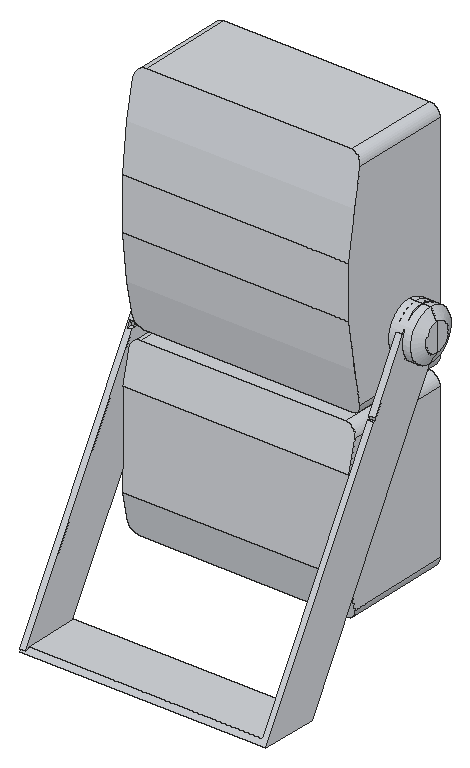
Revit family "Lighting-Proiezione-GEWISS-SMART[PRO]2.0-PROIETTORI-LED-MEDIA-POTENZA_1MODULI_CLI", category Apparecchi per illuminazione, host Superficie, Revit 2019
Family settings
  Host = Superficie
  Quota connettore circolare = Usa diametro
  Tipo di parte = Normale
  Taglio con vuoti quando caricato = No
  Sorgente d'illuminazione = No
  Condiviso = No
  Punto di calcolo locali = Sì
Parameters (values of type "GWP2175MS - SMART PRO 1M 5700K CRI70 TYPE C1 1-10V")
  Viti esterne = "Acciaio inossidabile"
  Versioni = "Luce fredda 5700K"
  Versione file RFA = "20.11"
  Vano di alimentazione = "Integrato"
  VISIBILITA' SIMBOLO [instance] = yes
  VISIBILITA' PROIETTORE IN PIANTA [instance] = not(VISIBILITA' SIMBOLO)  # no
  URL = "https://www.gewiss.com/it/it"
  Tolleranza cromatica = "SDCM = 5"
  Tipologia sorgente luminosa = "LED - Non sostituibile"
  Tipologia = "Stand Alone - 1/10V"
  Tipo di installazione e montaggio = "Torrefaro - Parete - Terra"
  Tipo di apparecchio = "Apparecchio per proiezione LED di piccola, media e alta potenza"
  Tensione di alimentazione = "220 - 240 V"
  Tensione = "220 / 240 V - 50 / 60 Hz"
  Temperatura di utilizzo = "-30 +40 °C"
  Temperatura di stoccaggio = "-"
  Temperatura di esercizio = "-30 +40 °C"
  Temperatura di colore: = "5700 K (CRI>70)"
  Temperatura di colore = "5700K"
  Superficie massima esposta al vento : = "0,085 m2"
  Superficie massima esposta al vento = "0,085M2"
  Spostamento_y_anteriore [instance] = 400 mm
  Spostamento_x_effettivo_ET [instance] = 4000 mm - Spostamento_x_ET  # 2938.794 mm
  Spostamento_x_effettivo [instance] = 4000 mm - Spostamento_x  # 2939 mm
  Spostamento_x_ET [instance] = 1061.206 mm
  Spostamento_x [instance] = 1061 mm
  SostituibilitÃ  piastra di cablaggio = "Non disponibile"
  SostituibilitÃ  gruppo ottico = "Non disponibile"
  Sistema di controllo = "Stand Alone - 1/10V"
  Schermo = "Vetro piano extrachiaro spessore 4mm"
  Scheda Tecnica = "https://www.gewiss.com/it/it/search?q=GWP2175MS"
  SEO = "Proiettore"
  Resistenza alle sovratensioni : = "10KV in modalità comune; 6KV in modalità differenziale"
  Resistenza al filo incandescente = "-"
  Resistenza agli urti = "IK08"
  Regolazione inclinazione = "-120° ÷ + 120° staffa"
  Default Elevation = 1219.2 mm
  Produttore = "GEWISS S.p.A."
  Potenza di sistema = "165W"
  Peso (kg): = "5,7"
  Ottica = "C1 - Circolare 30°"
  Numero moduli = "1"
  Norma di riferimento = "EN60598-1; EN60598-2-5; EN60598-2-24; IEC 62778; IEC62471; EN13201"
  Nome quadro [instance] = "330W"
  Modello = "GWP2175MS"
  Materiali = "-"
  Lumen output (lm) = "20000"
  Life Time L90B10 (Tq 50Â°C) : = ""
  Life Time L90B10 (Tq 40Â°C) = "40000 H"
  Life Time L90B10 (Tq 25Â°C) : = ">50000 H"
  Life Time L80B10 (Tq 25Â°C) = ">110000 H"
  Lampada: = "LED"
  Installazione e manutenzione = "-"
  Informazioni generali = "-"
  Indice di resa cromatica = "CRI-70"
  Inclinazione = "Rotazione su staffa con goniometro integrato"
  Immagine tipo = SMARTPRO20_1M.jpg
  IPEA = "STRADALE = A++ // GRANDI AREE = A5+ // CICLOPEDONALI = A++ // AREE VERDI = A++ // CENTRO STORICO = A7+ // ALTRO = A7+"
  IDT = "81921acd85944d64b14f91977cfd80f8"
  IDF = "2e96a973-5bee-4609-8733-357f06392928"
  Guarnizioni = "silicone antinvecchiamento"
  Gruppo ottico = "Riflettore in PC HT quarzato&nbsp; e metallizzato lucido"
  Grado di protezione = "IP66"
  Garanzia = "5 anni"
  Gancio di chiusura = "Viti metriche esagonali"
  GW - Codice Electrocod = "2424"
  Frequenza nominale (Hz) = "50 / 60"
  Flusso nominale = "24000"
  Fissaggio = "Staffa"
  Finitura colore = "Verniciato a polvere poliestere"
  Efficienza luminosa (lm/W) = "121"
  Durata di vita = "L90B10 (Tq+25°C) - 50000h L90B10 (Tq+40°C) = 40000h L80B10 (Tq+25°C) - 110000h"
  Distanza minima dall'oggetto illuminato = "1M"
  Dispositivo di protezione = "DM 6 kV / CM 10 kV"
  Descrizione = "SMART PRO 1M 5700K CRI70 TYPE C1 1-10V"
  Creato da GEWISS S.p.A. = ""
  Corrente di pilotaggio LED = "0,7 A"
  Corpo = "Alluminio pressofuso"
  Controllo abbagliamento e luminanza = "G*6 - ULOR = 0"
  Contesto = "Illuminazione di grandi aree, impianti sportivi"
  Colore = "Grigio grafite"
  Codice digitale univoco (Datamatrix) = "Attualmente non presente"
  Classificazione: = "-"
  Classe isolamento = "I"
  Classe fotobiologica = "-"
  Certificazioni e classificazioni = "-"
  Certificazione DIN 18032-3 = "Si"
  Catalogo Serie = "SMART [PRO] 2.0"
  Catalogo = "LIGHTING"
  Caratteristiche ottiche e illuminotecniche = "-"
  Caratteristiche elettriche e gestione della luce = "-"
  Cablaggio = "Connettore stagno"
  COBie.Tagnumber = ""
  COBie.CreatedOn = ""
  COBie.CreatebBy = ""
  COBie.ComponentRegisterItemID = ""
  COBie.Component.TagNumber = ""
  COBie.Component.Space = ""
  COBie.Component.SerialNumber = ""
  COBie.Component.InstallationDate = ""
  COBie.Component.Description = ""
  COBie.Component.BarCode = ""
  Applicazione = "Interno / Esterno"
  Apparecchio a ridotta temperatura superficiale = "Si"
  Alimentatore = "Incluso"
Reference planes
  plane 1 "Centro (Fronte/Retro)": y = 0
  plane 2: z = 0
  plane 3 "Centro (Sinistra/Destra)": x = 0
  plane 4: x = -2938.794
  plane 5: x = 0.206
  plane 6: x = 0
  plane 7: x = -110.332
  plane 8: x = 0.206
  plane 9: z = 400
Lines and regions (mm)
  Masking region 1, visible <- "VISIBILITA' PROIETTORE IN PIANTA"
    outline origin (0, 0, 0) x (1, 0, 0) y (0, 1, 0)
      loop
        line (-113.096, 45.653) -> (-113.096, -114.347) -> (116.904, -114.347) -> (116.904, 45.653) -> (127.64, 45.653) -> (133.668, 56.093) -> (133.668, 82.169) -> (127.64, 92.61) -> (106.168, 92.61) -> (106.168, 106.682) -> (-106.168, 106.682) -> (-106.168, 92.61) -> (-127.64, 92.61) -> (-133.668, 82.169) -> (-133.668, 56.093) -> (-127.64, 45.653) -> (-113.096, 45.653)
  Masking region 2, visible <- "VISIBILITA' PROIETTORE IN PIANTA"
    outline origin (0, 0, 0) x (1, 0, 0) y (0, 0, 1)
      loop
        line (-103.332, 218.171) -> (106.168, 218.171) -> (106.168, 246.133) -> (127.64, 246.133) -> (133.668, 256.573) -> (133.668, 282.649) -> (127.64, 293.081) -> (106.168, 293.081) -> (106.168, 438.501) -> (-106.168, 438.501) -> (-106.168, 296.105) -> (-127.64, 296.105) -> (-133.668, 285.674) -> (-133.668, 259.598) -> (-127.64, 249.157) -> (-103.332, 249.157) -> (-103.332, 218.171)
      loop
        line (-103.332, 212.854) -> (-103.332, 48.854) -> (106.168, 48.854) -> (106.168, 212.854) -> (-103.332, 212.854)
  Masking region 3, visible <- "VISIBILITA' PROIETTORE IN PIANTA"
    outline origin (0, 0, 0) x (1, 0, 0) y (0, 0, 1)
      loop
        line (-115.056, 249.157) -> (-115.056, 0) -> (119.168, 0) -> (119.168, 246.133) -> (113.168, 246.133) -> (113.168, 5) -> (-110.332, 5) -> (-110.332, 249.157) -> (-115.056, 249.157)
Dimensions and locks
  plane 4 to plane 3 "Centro (Sinistra/Destra)" = 2938.794 mm
  "Spostamento_x_effettivo": plane 4 to plane 5
  "Spostamento_x_effettivo_ET": plane 4 to plane 6
  Masking region 2 sketch curve to nested 1 = 7 mm
  "Spostamento_x_effettivo": plane 8 to plane 4
  "Spostamento_y_anteriore": plane 9 to plane 2
  aligned and locked: plane 2 to host face
  aligned and locked: level to host face
  aligned and locked: plane 1 "Centro (Fronte/Retro)" to nested 1
  aligned and locked: plane 5 to nested 3
  aligned and locked: plane 6 to nested 2
  aligned and locked: nested 4 to plane 8
  aligned and locked: nested 4 to plane 9
Automatic sketch dimensions
  host sketch curve to host sketch curve = 2438.4 mm  (x2)
  Masking region 1 sketch curve to plane 3 "Centro (Sinistra/Destra)" = 133.668 mm
  Masking region 1 sketch curve to Masking region 1 sketch curve = 6.028 mm  (x3)
  Masking region 1 sketch curve to plane 1 "Centro (Fronte/Retro)" = 45.653 mm  (x2)
  Masking region 1 sketch curve to Masking region 1 sketch curve = 21.472 mm  (x2)
  plane 3 "Centro (Sinistra/Destra)" to Masking region 1 sketch curve = 106.168 mm
  plane 3 "Centro (Sinistra/Destra)" to Masking region 1 sketch curve = 116.904 mm
  Masking region 1 sketch curve to Masking region 1 sketch curve = 10.736 mm
  plane 1 "Centro (Fronte/Retro)" to Masking region 1 sketch curve = 114.347 mm
  Masking region 1 sketch curve to Masking region 1 sketch curve = 10.44 mm  (x4)
  Masking region 1 sketch curve to Masking region 1 sketch curve = 26.076 mm  (x2)
  Masking region 1 sketch curve to Masking region 1 sketch curve = 14.072 mm
  Masking region 1 sketch curve to Masking region 1 sketch curve = 14.543 mm
  Masking region 2 sketch curve to Masking region 2 sketch curve = 6.028 mm  (x4)
  Masking region 2 sketch curve to Masking region 2 sketch curve = 24.307 mm
  Masking region 2 sketch curve to Masking region 2 sketch curve = 0 mm  (x2)
  Masking region 2 sketch curve to plane 3 "Centro (Sinistra/Destra)" = 106.168 mm
  level to Masking region 2 sketch curve = 48.854 mm
  Masking region 2 sketch curve to Masking region 2 sketch curve = 21.472 mm  (x2)
  Masking region 2 sketch curve to Masking region 2 sketch curve = 164 mm
  Masking region 2 sketch curve to Masking region 2 sketch curve = 5.317 mm
  Masking region 2 sketch curve to Masking region 2 sketch curve = 27.962 mm
  Masking region 2 sketch curve to Masking region 2 sketch curve = 30.986 mm
  Masking region 2 sketch curve to Masking region 2 sketch curve = 10.44 mm  (x2)
  Masking region 2 sketch curve to Masking region 2 sketch curve = 26.076 mm  (x2)
  Masking region 2 sketch curve to Masking region 2 sketch curve = 10.432 mm  (x2)
  Masking region 2 sketch curve to Masking region 2 sketch curve = 142.396 mm
  plane 3 "Centro (Sinistra/Destra)" to Masking region 2 sketch curve = 106.168 mm
  Masking region 3 sketch curve to level = 0 mm
  Masking region 3 sketch curve to plane 3 "Centro (Sinistra/Destra)" = 115.056 mm
  Masking region 3 sketch curve to Masking region 3 sketch curve = 4.724 mm
  level to Masking region 3 sketch curve = 5 mm
  plane 3 "Centro (Sinistra/Destra)" to Masking region 3 sketch curve = 113.168 mm
  Masking region 3 sketch curve to Masking region 3 sketch curve = 244.157 mm
  Masking region 3 sketch curve to Masking region 3 sketch curve = 6 mm
  Masking region 3 sketch curve to Masking region 3 sketch curve = 3.025 mm
Nested families
  nested 1: "Base_SMART[PRO]2.0 1M" at (-346.832, -103.584, 0), type "GWP2273AD - 3000K - Symm. S1 - 2x80 LED - 330W - IP66"
    with Vista in pianta no, VISIBILITA' SIMBOLO IN PIANTA no, VISIBILITA' SIMBOLO yes, VISIBILITA' PROIETTORE IN PIANTA yes, VISIBILITA' ETICHETTA yes, Distanza_x_ET 0 mm, Distanza_x 300 mm, Distanza_effettiva_y_sim 2433.54 mm, Distanza_effettiva_y_ET 1320 mm, Distanza_effettiva_x_ET 4000 mm, Distanza_effettiva_x 3700 mm
  nested 2: "ETICHETTA LIGHT" at (0, -183.617, 0), type "ETICHETTA LIGHT"
  nested 3: "PROIETTSMART - 2" at (0.206, 16.651, 0), visible <- "VISIBILITA' SIMBOLO", type "PROIETTSMART - 2"
  nested 4: "PROIETTSMART - 2" at (0.206, 0, 400) x (1, 0, 0) z (0, -1, 0), visible <- "VISIBILITA' SIMBOLO", type "PROIETTSMART - 2"
Definition of nested family "Base_SMART[PRO]2.0 1M"
  Parameters (values of type "GWP2273AD - 3000K - Symm. S1 - 2x80 LED - 330W - IP66")
    struttura = none
    l = 440 mm  # constant formula
    Vista in pianta [instance] = no
    VISIBILITA' PROIETTORE IN PIANTA [instance] = yes
    VISIBILITA' ETICHETTA [instance] = yes
    Vetro = none
    Versioni = "Luce calda 3000K"
    VISIBILITA' SIMBOLO IN PIANTA [instance] = not(VISIBILITA' SIMBOLO)  # no
    VISIBILITA' SIMBOLO [instance] = yes
    Tensione lampada = 230 V
    Temperatura di colore = "3000 K (CRI 70)"
    Superficie massima esposta al vento [mq] = "0,43"
    Serie = "SMART [PRO] 2.0"
    Resistenza agli urti = "IK08"
    Regolazione inclinazione = "-180° ÷ + 180° staffa"
    Default Elevation = 1219.2 mm
    Manufacturer = "GEWISS"
    Potenza di sistema = "330W"
    Peso (kg) = "13"
    Ottica = "Simmetrica S1"
    N° LED = "160"
    Numero moduli = "2 (2x80 LED)"
    Numero di poli = 2
    Model = "GWP2273AS"
    Lumen output (lm) = "34925"
    Lamp = "LED"
    Type Image = element 166027
    GW - Grado di protezione = "IP66"
    Garanzia = "5 anni"
    GEWISS SCHEDA TECNICA = "http://pro.gewiss.com/irj/portal/?NavigationTarget=pcd:portal_content/com.gewiss.ZPPFDMain/com.gewiss.ZPPFDITMain/com.gewiss.ZPPFDITMainDefault/com.gewiss.ZPPFDITPages/com.gewiss.ZPPFDITPagesAP/com.gewiss.ZPPFDITPagesAPCatalogo/com.gewiss.ZPPPDITAPProductDetail&codProd=GWP2273AD"
    Flusso nominale = "44800"
    Distanza_x_ET [instance] = 0 mm
    Distanza_x [instance] = 300 mm
    Distanza_effettiva_y_sim [instance] = 2433.54 mm
    Distanza_effettiva_y_ET [instance] = 1320 mm
    Distanza_effettiva_x_ET [instance] = 4000 mm - Distanza_x_ET  # 4000 mm
    Distanza_effettiva_x [instance] = 4000 mm - Distanza_x  # 3700 mm
    Description = "SMART PRO 2M 3000K CRI70 TYPE S1 DALI"
    GW - Codice Electrocod = "2424"
    Classe isolamento = "I"
    GW - Catalogo = "LIGHTING"
    Apparent Load = 330 VA
    Applicazione = "Interno / Esterno"
  Types (24, lengths in mm): name | Versioni | Temperatura di colore | Ottica | Lumen output (lm) | GEWISS SCHEDA TECNICA | Flusso nominale | Distanza_x | Distanza_effettiva_y_ET | Distanza_effettiva_x | Description
    GWP2273AD - 3000K - Symm. S1 - 2x80 LED - 330W - IP66 | "Luce calda 3000K" | "3000 K (CRI 70)" | "Simmetrica S1" | "34925" | "http://pro.gewiss.com/irj/portal/?NavigationTarget=pcd:portal_content/com.gewiss.ZPPFDMain/com.gewiss.ZPPFDITMain/com.gewiss.ZPPFDITMainDefault/com.gewiss.ZPPFDITPages/com.gewiss.ZPPFDITPagesAP/com.gewiss.ZPPFDITPagesAPCatalogo/com.gewiss.ZPPPDITAPProductDetail&codProd=GWP2273AD" | "44800" | 300 | 1320 | 3700 | "SMART PRO 2M 3000K CRI70 TYPE S1 DALI"
    GWP2273BD - 3000K - Symm. S2 - 2x80 LED - 330W - IP66 | "Luce calda 3000K" | "3000 K (CRI 70)" | "Simmetrica S2" | "37137" | "http://pro.gewiss.com/irj/portal/?NavigationTarget=pcd:portal_content/com.gewiss.ZPPFDMain/com.gewiss.ZPPFDITMain/com.gewiss.ZPPFDITMainDefault/com.gewiss.ZPPFDITPages/com.gewiss.ZPPFDITPagesAP/com.gewiss.ZPPFDITPagesAPCatalogo/com.gewiss.ZPPPDITAPProductDetail&codProd=GWP2273BD" | "44800" | 0 | 400 | 4000 | "SMART PRO 2M 3000K CRI70 TYPE S2 DALI"
    GWP2273CD - 3000K - Asymm. A1 - 2x80 LED - 330W - IP66 | "Luce calda 3000K" | "3000 K (CRI 70)" | "Asimmetrica A1" | "34141" | "http://pro.gewiss.com/irj/portal/?NavigationTarget=pcd:portal_content/com.gewiss.ZPPFDMain/com.gewiss.ZPPFDITMain/com.gewiss.ZPPFDITMainDefault/com.gewiss.ZPPFDITPages/com.gewiss.ZPPFDITPagesAP/com.gewiss.ZPPFDITPagesAPCatalogo/com.gewiss.ZPPPDITAPProductDetail&codProd=GWP2273CD" | "44800" | 0 | 400 | 4000 | "SMART PRO 2M 3000K CRI70 TYPE A1 DALI"
    GWP2273FD - 3000K - Asymm. A2 - 2x80 LED - 330W - IP66 | "Luce calda 3000K" | "3000 K (CRI 70)" | "Asimmetrica A2" | "29176" | "http://pro.gewiss.com/irj/portal/?NavigationTarget=pcd:portal_content/com.gewiss.ZPPFDMain/com.gewiss.ZPPFDITMain/com.gewiss.ZPPFDITMainDefault/com.gewiss.ZPPFDITPages/com.gewiss.ZPPFDITPagesAP/com.gewiss.ZPPFDITPagesAPCatalogo/com.gewiss.ZPPPDITAPProductDetail&codProd=GWP2273FD" | "44800" | 0 | 400 | 4000 | "SMART PRO 2M 3000K CRI70 TYPE A2 DALI"
    GWP2273GD - 3000K - Circ. C4 - 2x80 LED - 330W - IP66 | "Luce calda 3000K" | "3000 K (CRI 70)" | "Circolare C4" | "35261" | "http://pro.gewiss.com/irj/portal/?NavigationTarget=pcd:portal_content/com.gewiss.ZPPFDMain/com.gewiss.ZPPFDITMain/com.gewiss.ZPPFDITMainDefault/com.gewiss.ZPPFDITPages/com.gewiss.ZPPFDITPagesAP/com.gewiss.ZPPFDITPagesAPCatalogo/com.gewiss.ZPPPDITAPProductDetail&codProd=GWP2273GD" | "44800" | 0 | 400 | 4000 | "SMART PRO 2M 3000K CRI70 TYPE C4 DALI"
    GWP2273HD - 3000K - Circ. C3 - 2x80 LED - 330W - IP66 | "Luce calda 3000K" | "3000 K (CRI 70)" | "Circolare C3" | "35261" | "http://pro.gewiss.com/irj/portal/?NavigationTarget=pcd:portal_content/com.gewiss.ZPPFDMain/com.gewiss.ZPPFDITMain/com.gewiss.ZPPFDITMainDefault/com.gewiss.ZPPFDITPages/com.gewiss.ZPPFDITPagesAP/com.gewiss.ZPPFDITPagesAPCatalogo/com.gewiss.ZPPPDITAPProductDetail&codProd=GWP2273HD" | "44800" | 0 | 400 | 4000 | "SMART PRO 2M 3000K CRI70 TYPE C3 DALI"
    GWP2273LD - 3000K - Circ. C2 - 2x80 LED - 330W - IP66 | "Luce calda 3000K" | "3000 K (CRI 70)" | "Circolare C2" | "35261" | "http://pro.gewiss.com/irj/portal/?NavigationTarget=pcd:portal_content/com.gewiss.ZPPFDMain/com.gewiss.ZPPFDITMain/com.gewiss.ZPPFDITMainDefault/com.gewiss.ZPPFDITPages/com.gewiss.ZPPFDITPagesAP/com.gewiss.ZPPFDITPagesAPCatalogo/com.gewiss.ZPPPDITAPProductDetail&codProd=GWP2273LD" | "44800" | 0 | 400 | 4000 | "SMART PRO 2M 3000K CRI70 TYPE C2 DALI"
    GWP2273MD - 3000K - Circ. C1 - 2x80 LED - 330W - IP66 | "Luce calda 3000K" | "3000 K (CRI 70)" | "Circolare C1" | "35261" | "http://pro.gewiss.com/irj/portal/?NavigationTarget=pcd:portal_content/com.gewiss.ZPPFDMain/com.gewiss.ZPPFDITMain/com.gewiss.ZPPFDITMainDefault/com.gewiss.ZPPFDITPages/com.gewiss.ZPPFDITPagesAP/com.gewiss.ZPPFDITPagesAPCatalogo/com.gewiss.ZPPPDITAPProductDetail&codProd=GWP2273MD" | "44800" | 0 | 400 | 4000 | "SMART PRO 2M 3000K CRI70 TYPE C1 DALI"
    GWP2274AD - 4000K - Symm. S1 - 2x80 LED - 330W - IP66 | "Luce naturale 4000K" | "4000 K (CRI 70)" | "Simmetrica S1" | "37420" | "http://pro.gewiss.com/irj/portal/?NavigationTarget=pcd:portal_content/com.gewiss.ZPPFDMain/com.gewiss.ZPPFDITMain/com.gewiss.ZPPFDITMainDefault/com.gewiss.ZPPFDITPages/com.gewiss.ZPPFDITPagesAP/com.gewiss.ZPPFDITPagesAPCatalogo/com.gewiss.ZPPPDITAPProductDetail&codProd=GWP2274AD" | "48000" | 0 | 400 | 4000 | "SMART PRO 2M 4000K CRI70 TYPE S1 DALI"
    GWP2274BD - 4000K - Symm. S2 - 2x80 LED - 330W - IP66 | "Luce naturale 4000K" | "4000 K (CRI 70)" | "Simmetrica S2" | "39790" | "http://pro.gewiss.com/irj/portal/?NavigationTarget=pcd:portal_content/com.gewiss.ZPPFDMain/com.gewiss.ZPPFDITMain/com.gewiss.ZPPFDITMainDefault/com.gewiss.ZPPFDITPages/com.gewiss.ZPPFDITPagesAP/com.gewiss.ZPPFDITPagesAPCatalogo/com.gewiss.ZPPPDITAPProductDetail&codProd=GWP2274BD" | "48000" | 0 | 400 | 4000 | "SMART PRO 2M 4000K CRI70 TYPE S2 DALI"
    GWP2274CD - 4000K - Asymm. A1 - 2x80 LED - 330W - IP66 | "Luce naturale 4000K" | "4000 K (CRI 70)" | "Asimmetrica A1" | "36580" | "http://pro.gewiss.com/irj/portal/?NavigationTarget=pcd:portal_content/com.gewiss.ZPPFDMain/com.gewiss.ZPPFDITMain/com.gewiss.ZPPFDITMainDefault/com.gewiss.ZPPFDITPages/com.gewiss.ZPPFDITPagesAP/com.gewiss.ZPPFDITPagesAPCatalogo/com.gewiss.ZPPPDITAPProductDetail&codProd=GWP2274CD" | "48000" | 0 | 400 | 4000 | "SMART PRO 2M 4000K CRI70 TYPE A1 DALI"
    GWP2274FD - 4000K - Asymm. A2 - 2x80 LED - 330W - IP66 | "Luce naturale 4000K" | "4000 K (CRI 70)" | "Asimmetrica A2" | "31260" | "http://pro.gewiss.com/irj/portal/?NavigationTarget=pcd:portal_content/com.gewiss.ZPPFDMain/com.gewiss.ZPPFDITMain/com.gewiss.ZPPFDITMainDefault/com.gewiss.ZPPFDITPages/com.gewiss.ZPPFDITPagesAP/com.gewiss.ZPPFDITPagesAPCatalogo/com.gewiss.ZPPPDITAPProductDetail&codProd=GWP2274FD" | "48000" | 0 | 400 | 4000 | "SMART PRO 2M 4000K CRI70 TYPE A2 DALI"
    GWP2274GD - 4000K - Circ. C4 - 2x80 LED - 330W - IP66 | "Luce naturale 4000K" | "4000 K (CRI 70)" | "Circolare C4" | "37780" | "http://pro.gewiss.com/irj/portal/?NavigationTarget=pcd:portal_content/com.gewiss.ZPPFDMain/com.gewiss.ZPPFDITMain/com.gewiss.ZPPFDITMainDefault/com.gewiss.ZPPFDITPages/com.gewiss.ZPPFDITPagesAP/com.gewiss.ZPPFDITPagesAPCatalogo/com.gewiss.ZPPPDITAPProductDetail&codProd=GWP2274GD" | "48000" | 0 | 400 | 4000 | "SMART PRO 2M 4000K CRI70 TYPE C4 DALI"
    GWP2274HD - 4000K - Circ. C3 - 2x80 LED - 330W - IP66 | "Luce naturale 4000K" | "4000 K (CRI 70)" | "Circolare C3" | "37780" | "http://pro.gewiss.com/irj/portal/?NavigationTarget=pcd:portal_content/com.gewiss.ZPPFDMain/com.gewiss.ZPPFDITMain/com.gewiss.ZPPFDITMainDefault/com.gewiss.ZPPFDITPages/com.gewiss.ZPPFDITPagesAP/com.gewiss.ZPPFDITPagesAPCatalogo/com.gewiss.ZPPPDITAPProductDetail&codProd=GWP2274HD" | "48000" | 0 | 400 | 4000 | "SMART PRO 2M 4000K CRI70 TYPE C3 DALI"
    GWP2274LD - 4000K - Circ. C2 - 2x80 LED - 330W - IP66 | "Luce naturale 4000K" | "4000 K (CRI 70)" | "Circolare C2" | "37780" | "http://pro.gewiss.com/irj/portal/?NavigationTarget=pcd:portal_content/com.gewiss.ZPPFDMain/com.gewiss.ZPPFDITMain/com.gewiss.ZPPFDITMainDefault/com.gewiss.ZPPFDITPages/com.gewiss.ZPPFDITPagesAP/com.gewiss.ZPPFDITPagesAPCatalogo/com.gewiss.ZPPPDITAPProductDetail&codProd=GWP2274LD" | "48000" | 0 | 400 | 4000 | "SMART PRO 2M 4000K CRI70 TYPE C2 DALI"
    GWP2274MD - 4000K - Circ. C1 - 2x80 LED - 330W - IP66 | "Luce naturale 4000K" | "4000 K (CRI 70)" | "Circolare C1" | "37780" | "http://pro.gewiss.com/irj/portal/?NavigationTarget=pcd:portal_content/com.gewiss.ZPPFDMain/com.gewiss.ZPPFDITMain/com.gewiss.ZPPFDITMainDefault/com.gewiss.ZPPFDITPages/com.gewiss.ZPPFDITPagesAP/com.gewiss.ZPPFDITPagesAPCatalogo/com.gewiss.ZPPPDITAPProductDetail&codProd=GWP2274MD" | "48000" | 0 | 400 | 4000 | "SMART PRO 2M 4000K CRI70 TYPE C1 DALI"
    GWP2275AD - 5700K - Symm. S1 - 2x80 LED - 330W - IP66 | "Luce fredda 5700K" | "5700 K (CRI 70)" | "Simmetrica S1" | "37420" | "http://pro.gewiss.com/irj/portal/?NavigationTarget=pcd:portal_content/com.gewiss.ZPPFDMain/com.gewiss.ZPPFDITMain/com.gewiss.ZPPFDITMainDefault/com.gewiss.ZPPFDITPages/com.gewiss.ZPPFDITPagesAP/com.gewiss.ZPPFDITPagesAPCatalogo/com.gewiss.ZPPPDITAPProductDetail&codProd=GWP2275AD" | "48000" | 0 | 400 | 4000 | "SMART PRO 2M 5700K CRI70 TYPE S1 DALI"
    GWP2275BD - 5700K - Symm. S2 - 2x80 LED - 330W - IP66 | "Luce fredda 5700K" | "5700 K (CRI 70)" | "Simmetrica S2" | "39790" | "http://pro.gewiss.com/irj/portal/?NavigationTarget=pcd:portal_content/com.gewiss.ZPPFDMain/com.gewiss.ZPPFDITMain/com.gewiss.ZPPFDITMainDefault/com.gewiss.ZPPFDITPages/com.gewiss.ZPPFDITPagesAP/com.gewiss.ZPPFDITPagesAPCatalogo/com.gewiss.ZPPPDITAPProductDetail&codProd=GWP2275BD" | "48000" | 0 | 400 | 4000 | "SMART PRO 2M 5700K CRI70 TYPE S2 DALI"
    GWP2275CD - 5700K - Asymm. A1 - 2x80 LED - 330W - IP66 | "Luce fredda 5700K" | "5700 K (CRI 70)" | "Asimmetrica A1" | "36580" | "http://pro.gewiss.com/irj/portal/?NavigationTarget=pcd:portal_content/com.gewiss.ZPPFDMain/com.gewiss.ZPPFDITMain/com.gewiss.ZPPFDITMainDefault/com.gewiss.ZPPFDITPages/com.gewiss.ZPPFDITPagesAP/com.gewiss.ZPPFDITPagesAPCatalogo/com.gewiss.ZPPPDITAPProductDetail&codProd=GWP2275CD" | "48000" | 0 | 400 | 4000 | "SMART PRO 2M 5700K CRI70 TYPE A1 DALI"
    GWP2275FD - 5700K - Asymm. A2 - 2x80 LED - 330W - IP66 | "Luce fredda 5700K" | "5700 K (CRI 70)" | "Asimmetrica A2" | "31260" | "http://pro.gewiss.com/irj/portal/?NavigationTarget=pcd:portal_content/com.gewiss.ZPPFDMain/com.gewiss.ZPPFDITMain/com.gewiss.ZPPFDITMainDefault/com.gewiss.ZPPFDITPages/com.gewiss.ZPPFDITPagesAP/com.gewiss.ZPPFDITPagesAPCatalogo/com.gewiss.ZPPPDITAPProductDetail&codProd=GWP2275FD" | "48000" | 0 | 400 | 4000 | "SMART PRO 2M 5700K CRI70 TYPE A2 DALI"
    GWP2275GD - 5700K - Circ. C4 - 2x80 LED - 330W - IP66 | "Luce fredda 5700K" | "5700 K (CRI 70)" | "Circolare C4" | "37780" | "http://pro.gewiss.com/irj/portal/?NavigationTarget=pcd:portal_content/com.gewiss.ZPPFDMain/com.gewiss.ZPPFDITMain/com.gewiss.ZPPFDITMainDefault/com.gewiss.ZPPFDITPages/com.gewiss.ZPPFDITPagesAP/com.gewiss.ZPPFDITPagesAPCatalogo/com.gewiss.ZPPPDITAPProductDetail&codProd=GWP2275GD" | "48000" | 0 | 400 | 4000 | "SMART PRO 2M 5700K CRI70 TYPE C4 DALI"
    GWP2275HD - 5700K - Circ. C3 - 2x80 LED - 330W - IP66 | "Luce fredda 5700K" | "5700 K (CRI 70)" | "Circolare C3" | "37780" | "http://pro.gewiss.com/irj/portal/?NavigationTarget=pcd:portal_content/com.gewiss.ZPPFDMain/com.gewiss.ZPPFDITMain/com.gewiss.ZPPFDITMainDefault/com.gewiss.ZPPFDITPages/com.gewiss.ZPPFDITPagesAP/com.gewiss.ZPPFDITPagesAPCatalogo/com.gewiss.ZPPPDITAPProductDetail&codProd=GWP2275HD" | "48000" | 0 | 400 | 4000 | "SMART PRO 2M 5700K CRI70 TYPE C3 DALI"
    GWP2275LD - 5700K - Circ. C2 - 2x80 LED - 330W - IP66 | "Luce fredda 5700K" | "5700 K (CRI 70)" | "Circolare C2" | "37780" | "http://pro.gewiss.com/irj/portal/?NavigationTarget=pcd:portal_content/com.gewiss.ZPPFDMain/com.gewiss.ZPPFDITMain/com.gewiss.ZPPFDITMainDefault/com.gewiss.ZPPFDITPages/com.gewiss.ZPPFDITPagesAP/com.gewiss.ZPPFDITPagesAPCatalogo/com.gewiss.ZPPPDITAPProductDetail&codProd=GWP2275LD" | "48000" | 0 | 400 | 4000 | "SMART PRO 2M 5700K CRI70 TYPE C2 DALI"
    GWP2275MD - 5700K - Circ. C1 - 2x80 LED - 330W - IP66 | "Luce fredda 5700K" | "5700 K (CRI 70)" | "Circolare C1" | "37780" | "http://pro.gewiss.com/irj/portal/?NavigationTarget=pcd:portal_content/com.gewiss.ZPPFDMain/com.gewiss.ZPPFDITMain/com.gewiss.ZPPFDITMainDefault/com.gewiss.ZPPFDITPages/com.gewiss.ZPPFDITPagesAP/com.gewiss.ZPPFDITPagesAPCatalogo/com.gewiss.ZPPPDITAPProductDetail&codProd=GWP2275MD" | "48000" | 0 | 400 | 4000 | "SMART PRO 2M 5700K CRI70 TYPE C1 DALI"
  Reference planes
    plane 1 "Centro (Fronte/Retro)": y = 0
    plane 2: z = 0
    plane 3 "Centro (Sinistra/Destra)": x = 0
    plane 4: z = 5
    plane 5: x = 466
    plane 6: x = 460
    plane 7: y = -9.551
    plane 8: y = 43.565
    plane 9: z = 267.876
    plane 10: z = 218.171
    plane 11: z = 212.854
    plane 12: x = 453
    plane 13: z = 438.501
    plane 14: x = 236.5
    plane 15: z = 48.854
    plane 16 "fronte": y = 210.266
    plane 17: y = 103.584
    plane 18: z = 428.501
    plane 19: z = 228.171
    plane 20: x = 443
    plane 21: y = 200.266
    plane 22: x = 220.335
    plane 23: x = 252.665
    plane 24: y = 195.345
    plane 25: z = 367.712
    plane 26: z = 306.922
    plane 27: x = 254.665
    plane 28: x = 441
    plane 29: z = 246.133
    plane 30: z = 426.501
    plane 31: z = 365.712
    plane 32: z = 369.712
    plane 33: z = 308.922
    plane 34: z = 304.922
    plane 35: z = 248.133
    plane 36: z = 244.133
    plane 37: x = -3763.5
    plane 38: x = 240.665
    plane 39: x = 213.665
    plane 40: x = 346.832
    plane 41: x = 236.5
  Forms (mm)
    Extrusion 1, solid
      sketch origin (0, 0, 2.872) x (0, 1, 0) y (0, 0, 1)
        loop
          line (153.15, 281.807) -> (-9.551, 0) -> (43.565, 0) -> (192.952, 258.745)
          arc (192.952, 258.745) -> (184.564, 290.146) -> (153.15, 281.807) r 23
      from 235.316 to 240.665
    Extrusion 2, solid
      sketch origin (448.871, 0, 0) x (0, 1, 0) y (0, 0, -1)
        loop
          arc (153.15, -281.807) -> (184.564, -290.146) -> (192.952, -258.745) r 23
          line (192.952, -258.745) -> (43.565, 0) -> (-9.551, 0) -> (153.15, -281.807)
      from -17.129 to -11.129
    Extrusion 3, solid
      sketch origin (0, 0, 0) x (0, 1, 0) y (0, 0, 1)
        loop
          line (46.452, 5) -> (-6.664, 5) -> (-9.551, 0) -> (43.565, 0) -> (46.452, 5)
      from 235.316 to 466
    Extrusion 4, solid
      sketch origin (0, 0, 0) x (1, 0, 0) y (0, 0, 1)
        loop
          arc (250.665, 438.501) -> (243.594, 435.572) -> (240.665, 428.501) r 10
          line (240.665, 428.501) -> (240.665, 228.171)
          arc (240.665, 228.171) -> (243.594, 221.1) -> (250.665, 218.171) r 10
          line (250.665, 218.171) -> (443, 218.171)
          arc (443, 218.171) -> (450.071, 221.1) -> (453, 228.171) r 10
          line (453, 228.171) -> (453, 428.501)
          arc (453, 428.501) -> (450.071, 435.572) -> (443, 438.501) r 10
          line (443, 438.501) -> (250.665, 438.501)
      from -210.266 to -103.584
    Extrusion 5, solid
      sketch origin (0, 0, 0) x (1, 0, 0) y (0, 0, 1)
        loop
          line (250.665, 48.854) -> (443, 48.854)
          arc (443, 48.854) -> (450.071, 51.783) -> (453, 58.854) r 10
          line (453, 58.854) -> (453, 202.854)
          arc (453, 202.854) -> (450.071, 209.925) -> (443, 212.854) r 10
          line (443, 212.854) -> (250.665, 212.854)
          arc (250.665, 212.854) -> (243.594, 209.925) -> (240.665, 202.854) r 10
          line (240.665, 202.854) -> (240.665, 58.854)
          arc (240.665, 58.854) -> (243.594, 51.783) -> (250.665, 48.854) r 10
      from -210.266 to -103.584
    Extrusion 6, void
      sketch origin (0, 0, 0) x (0, 1, 0) y (0, 0, 1)
        loop
          line (0, 438.501) -> (0, 218.171) -> (119.109, 218.171)
          arc (119.109, 218.171) -> (108.875, 260.63) -> (103.584, 303.983) r 379.693
          line (103.584, 303.983) -> (103.584, 352.689)
          arc (103.584, 352.689) -> (108.875, 396.042) -> (119.109, 438.501) r 379.693
          line (119.109, 438.501) -> (0, 438.501)
      from 236.5 to 466
    Extrusion 7, void
      sketch origin (0, 0, 0) x (1, 0, 0) y (0, 0, 1)
        loop
          arc (262.665, 428.501) -> (255.594, 425.572) -> (252.665, 418.501) r 10
          line (252.665, 418.501) -> (252.665, 238.171)
          arc (252.665, 238.171) -> (255.594, 231.1) -> (262.665, 228.171) r 10
          line (262.665, 228.171) -> (433, 228.171)
          arc (433, 228.171) -> (440.071, 231.1) -> (443, 238.171) r 10
          line (443, 238.171) -> (443, 418.501)
          arc (443, 418.501) -> (440.071, 425.572) -> (433, 428.501) r 10
          line (433, 428.501) -> (262.665, 428.501)
      from -210.266 to -200.266
    Extrusion 8, solid, material <- "Vetro"
      sketch origin (0, 0, 0) x (1, 0, 0) y (0, 0, 1)
        loop
          line (252.665, 418.501) -> (252.665, 238.171)
          arc (252.665, 238.171) -> (255.594, 231.1) -> (262.665, 228.171) r 10
          line (262.665, 228.171) -> (433, 228.171)
          arc (433, 228.171) -> (440.071, 231.1) -> (443, 238.171) r 10
          line (443, 238.171) -> (443, 418.501)
          arc (443, 418.501) -> (440.071, 425.572) -> (433, 428.501) r 10
          line (433, 428.501) -> (262.665, 428.501)
          arc (262.665, 428.501) -> (255.594, 425.572) -> (252.665, 418.501) r 10
      from -210.266 to -200.266
    Extrusion 9, void
      sketch origin (0, 0, 0) x (0, 1, 0) y (0, 0, 1)
        loop
          line (103.584, 86.118) -> (103.584, 175.59)
          arc (103.584, 175.59) -> (107.698, 194.338) -> (112.752, 212.854) r 380
          line (112.752, 212.854) -> (0, 212.854) -> (0, 48.854) -> (112.752, 48.854)
          arc (112.752, 48.854) -> (107.698, 67.37) -> (103.584, 86.118) r 380
      from 240.665 to 453
    Revolve 10, solid
      sketch origin (287.979, 172.716, 2.872) x (1, 0, 0) y (0, 0, 1)
        loop
          line (-74.814, 269.764) -> (-47.314, 269.764) -> (-47.314, 293.242) -> (-68.786, 293.242) -> (-74.814, 282.802) -> (-74.814, 269.764)
        axis (-74.814, 269.764) -> (-47.314, 269.764)
      angle from 0 to 360
    Revolve 11, solid
      sketch origin (0, 172.716, 0) x (1, 0, 0) y (0, 0, 1)
        loop
          line (480.171, 269.764) -> (480.171, 282.802) -> (474.143, 293.242) -> (452.671, 293.242) -> (452.671, 269.764) -> (480.171, 269.764)
        axis (480.171, 269.764) -> (452.671, 269.764)
      angle from 0 to 360
    Extrusion 12, solid, detail levels medium+fine
      sketch origin (0, 0, 0) x (1, 0, 0) y (0, 0, 1)
        loop
          line (441, 426.501) -> (381.555, 426.501) -> (381.555, 369.712) -> (441, 369.712) -> (441, 426.501)
        loop
          line (441, 365.712) -> (381.555, 365.712) -> (381.555, 308.922) -> (441, 308.922) -> (441, 365.712)
        loop
          line (377.555, 426.501) -> (318.11, 426.501) -> (318.11, 369.712) -> (377.555, 369.712) -> (377.555, 426.501)
        loop
          line (314.11, 426.501) -> (254.665, 426.501) -> (254.665, 369.712) -> (314.11, 369.712) -> (314.11, 426.501)
        loop
          line (441, 304.922) -> (381.555, 304.922) -> (381.555, 248.133) -> (441, 248.133) -> (441, 304.922)
        loop
          line (443, 244.133) -> (443, 306.484) -> (443, 369.712) -> (443, 428.501) -> (252.665, 428.501) -> (252.665, 244.133) -> (314.11, 244.133) -> (379.861, 244.133) -> (443, 244.133)
        loop
          line (377.555, 365.712) -> (318.11, 365.712) -> (318.11, 308.922) -> (377.555, 308.922) -> (377.555, 365.712)
        loop
          line (377.555, 304.922) -> (318.11, 304.922) -> (318.11, 248.133) -> (377.555, 248.133) -> (377.555, 304.922)
        loop
          line (314.11, 365.712) -> (254.665, 365.712) -> (254.665, 308.922) -> (314.11, 308.922) -> (314.11, 365.712)
        loop
          line (314.11, 304.922) -> (254.665, 304.922) -> (254.665, 248.133) -> (314.11, 248.133) -> (314.11, 304.922)
      from -200.266 to -195.345
  Cuts and joins
    Extrusion 6, Extrusion 9 cuts Extrusion 1
    Extrusion 6, Extrusion 9 cuts Extrusion 2
    Extrusion 6, Extrusion 9 cuts Extrusion 3
    joined: Extrusion 1, Extrusion 2, Extrusion 3
    Extrusion 6, Extrusion 7 cuts Extrusion 4
    Extrusion 9 cuts Extrusion 5
  Dimensions and locks
    locked: plane 4 to level at 5
    locked: plane 5 to plane 6 at 6
    plane 9 to plane 2 = 267.876 mm
    plane 10 to plane 11 = 5.317 mm
    locked: plane 6 to plane 12 at 7
    plane 13 to plane 10 = 220.33 mm
    plane 6 to plane 14 = 223.5 mm
    locked: plane 13 to plane 18 at 10
    locked: plane 12 to plane 20 at 10
    locked: plane 19 to plane 10 at 10
    locked: plane 21 to plane 16 "fronte" at 10
    equal spacing: plane 23, plane 14, plane 22
    plane 23 to plane 22 = 32.329 mm
    locked: plane 24 to plane 21 at 4.921
    plane 20 to plane 23 = 190.335 mm
    locked: plane 27 to plane 23 at 2
    equal spacing: plane 29, plane 26, plane 25, plane 18
    locked: plane 36 to plane 35 at 4
    locked: plane 34 to plane 33 at 4
    locked: plane 31 to plane 32 at 4
    locked: plane 30 to plane 18 at 2
    locked: plane 28 to plane 20 at 2
    plane 23 to plane 38 = 12 mm
    radius of Extrusion 4 sketch curve = 10 mm  (x4)
    radius of Extrusion 5 sketch curve = 10 mm  (x4)
    radius of Extrusion 7 sketch curve = 10 mm  (x4)
    radius of Extrusion 8 sketch curve = 10 mm  (x4)
    aligned and locked: level to plane 2
    aligned and locked: plane 5 to Extrusion 2
    aligned and locked: Extrusion 2 to plane 6
    aligned and locked: Extrusion 3 sketch curve to plane 4
    aligned and locked: Extrusion 3 sketch curve to level
    aligned and locked: cut or joined group of Extrusion 1, Extrusion 2, Extrusion 3, Extrusion 6, Extrusion 9 to Extrusion 3 sketch curve
    aligned and locked: Extrusion 3 sketch curve to cut or joined group of Extrusion 1, Extrusion 2, Extrusion 3, Extrusion 6, Extrusion 9
    aligned and locked: plane 5 to cut or joined group of Extrusion 1, Extrusion 2, Extrusion 3, Extrusion 6, Extrusion 9
    aligned and locked: Extrusion 4 sketch curve to plane 13
    aligned and locked: Extrusion 4 sketch curve to plane 12
    aligned and locked: Extrusion 4 sketch curve to plane 10
    aligned and locked: Extrusion 5 sketch curve to plane 15
    aligned and locked: Extrusion 5 sketch curve to plane 11
    aligned and locked: Extrusion 5 sketch curve to plane 12
    aligned and locked: plane 16 "fronte" to Extrusion 4
    aligned and locked: Extrusion 5 to Extrusion 4
    aligned and locked: plane 17 to Extrusion 4
    aligned and locked: Extrusion 4 to Extrusion 5
    aligned and locked: Extrusion 6 sketch curve to plane 13
    aligned and locked: Extrusion 6 sketch curve to plane 17
    aligned and locked: Extrusion 6 sketch curve to plane 1 "Centro (Fronte/Retro)"
    aligned and locked: Extrusion 6 sketch curve to plane 10
    aligned and locked: plane 5 to Extrusion 6
    aligned and locked: Extrusion 7 sketch curve to plane 18
    aligned and locked: Extrusion 7 sketch curve to plane 19
    aligned and locked: Extrusion 7 sketch curve to plane 20
    aligned and locked: plane 16 "fronte" to Extrusion 7
    aligned and locked: Extrusion 7 to plane 21
    aligned and locked: Extrusion 8 sketch curve to plane 18
    aligned and locked: Extrusion 8 sketch curve to plane 19
    aligned and locked: Extrusion 8 sketch curve to plane 20
    aligned and locked: plane 16 "fronte" to Extrusion 8
    aligned and locked: Extrusion 8 to plane 21
    aligned and locked: Extrusion 9 sketch curve to plane 17
    aligned and locked: Extrusion 9 sketch curve to plane 11
    aligned and locked: Extrusion 9 sketch curve to plane 15
    aligned and locked: Extrusion 9 sketch curve to plane 1 "Centro (Fronte/Retro)"
    aligned and locked: plane 12 to Extrusion 9
    aligned and locked: plane 28 to Extrusion 12 sketch curve
    aligned and locked: plane 30 to Extrusion 12 sketch curve
    aligned and locked: plane 32 to Extrusion 12 sketch curve  (x2)
    aligned and locked: plane 31 to Extrusion 12 sketch curve
    aligned and locked: plane 33 to Extrusion 12 sketch curve
    aligned and locked: plane 34 to Extrusion 12 sketch curve
    aligned and locked: plane 36 to Extrusion 12 sketch curve
    aligned and locked: plane 35 to Extrusion 12 sketch curve  (x2)
    aligned and locked: plane 18 to Extrusion 12 sketch curve
    aligned and locked: plane 20 to Extrusion 12 sketch curve
    aligned and locked: plane 23 to Extrusion 12 sketch curve
    aligned and locked: plane 21 to Extrusion 12
    aligned and locked: plane 24 to Extrusion 12
    aligned and locked: import instance to plane 16 "fronte"
    aligned and locked: Extrusion 9 to Extrusion 1
    aligned and locked: plane 38 to Extrusion 5 sketch curve
  Automatic sketch dimensions
    Revolve 10 sketch curve to Revolve 10 sketch curve = 0 mm  (x2)
    Revolve 10 sketch curve to Revolve 10 sketch curve = 21.472 mm
    Revolve 10 sketch curve to Revolve 10 sketch curve = 6.028 mm
    Revolve 10 sketch curve to Revolve 10 sketch curve = 10.44 mm
    Revolve 10 sketch curve to Revolve 10 sketch curve = 13.038 mm
    Revolve 10 sketch curve to Revolve 10 sketch curve = 7.329 mm
    Revolve 11 sketch curve to Revolve 11 sketch curve = 0 mm  (x2)
    Revolve 11 sketch curve to Revolve 11 sketch curve = 21.472 mm
    Revolve 11 sketch curve to Revolve 11 sketch curve = 6.028 mm
    Revolve 11 sketch curve to Revolve 11 sketch curve = 10.44 mm
    Revolve 11 sketch curve to Revolve 11 sketch curve = 13.038 mm
    Revolve 11 sketch curve to Revolve 11 sketch curve = 7.329 mm
    level to Extrusion 1 sketch curve = 2.872 mm
    Extrusion 1 sketch curve to plane 7 = 0 mm
    Extrusion 1 sketch curve to plane 8 = 0 mm
    plane 9 to Extrusion 1 sketch curve = 16.803 mm
    plane 24 to Extrusion 1 sketch curve = 42.194 mm
    plane 9 to Extrusion 1 sketch curve = 5.242 mm
    plane 24 to Extrusion 1 sketch curve = 22.312 mm
    plane 24 to Extrusion 1 sketch curve = 2.393 mm
    Extrusion 1 sketch curve to Extrusion 1 sketch curve = 0 mm  (x2)
    Extrusion 2 sketch curve to level = 0 mm
    Extrusion 2 sketch curve to plane 7 = 0 mm
    Extrusion 2 sketch curve to plane 8 = 0 mm
    plane 9 to Extrusion 2 sketch curve = 13.931 mm
    plane 24 to Extrusion 2 sketch curve = 42.194 mm
    plane 9 to Extrusion 2 sketch curve = 2.369 mm
    plane 24 to Extrusion 2 sketch curve = 22.312 mm
    plane 24 to Extrusion 2 sketch curve = 2.393 mm
    Extrusion 2 sketch curve to Extrusion 2 sketch curve = 0 mm  (x2)
    Extrusion 6 sketch curve to Extrusion 6 sketch curve = 15.525 mm  (x2)
    plane 33 to Extrusion 6 sketch curve = 19.303 mm
    plane 16 "fronte" to Extrusion 6 sketch curve = 272.237 mm
    Extrusion 6 sketch curve to Extrusion 6 sketch curve = 0 mm
    Extrusion 6 sketch curve to Extrusion 6 sketch curve = 0.222 mm
    Extrusion 9 sketch curve to plane 17 = 9.168 mm  (x2)
    plane 15 to Extrusion 9 sketch curve = 54.7 mm
    plane 16 "fronte" to Extrusion 9 sketch curve = 266.428 mm
    Extrusion 9 sketch curve to Extrusion 9 sketch curve = 0 mm
    Extrusion 9 sketch curve to Extrusion 9 sketch curve = 37.264 mm
    Extrusion 12 sketch curve to plane 27 = 0 mm  (x3)
    plane 28 to Extrusion 12 sketch curve = 0 mm  (x2)
    Extrusion 12 sketch curve to plane 35 = 0 mm
    Extrusion 12 sketch curve to plane 34 = 0 mm  (x2)
    Extrusion 12 sketch curve to plane 33 = 0 mm  (x2)
    Extrusion 12 sketch curve to plane 31 = 0 mm  (x2)
    Extrusion 12 sketch curve to plane 32 = 0 mm  (x2)
    Extrusion 12 sketch curve to plane 30 = 0 mm  (x2)
    Extrusion 12 sketch curve to plane 26 = 0.438 mm
    plane 9 to Revolve 10 sketch curve = 4.76 mm
    Revolve 11 sketch curve to plane 6 = 0 mm
    plane 9 to Revolve 11 sketch curve = 1.888 mm
    plane 14 to Extrusion 8 sketch curve = 16.165 mm
    plane 14 to Extrusion 7 sketch curve = 16.165 mm
    plane 22 to Extrusion 4 sketch curve = 20.329 mm
    Revolve 10 sketch curve to plane 38 = 0 mm
    plane 27 to Extrusion 12 sketch curve = 59.445 mm  (x2)
    Extrusion 12 sketch curve to Extrusion 12 sketch curve = 0 mm  (x5)
    Extrusion 12 sketch curve to Extrusion 12 sketch curve = 4 mm  (x4)
    Extrusion 12 sketch curve to Extrusion 12 sketch curve = 59.445 mm  (x2)
    Extrusion 12 sketch curve to Extrusion 12 sketch curve = 2.306 mm
  Connectors
    electrical at (346.832, 103.584, 328.336), driven by "Tensione lampada", driven by "Apparent Load", driven by "Numero di poli"
      settings: on cut or joined group of Extrusion 4, Extrusion 6, Extrusion 7, index 1, voltage 230 V, apparent load 0 VA, apparent load phase1 330 VA, apparent load phase2 0 VA, apparent load phase3 0 VA, power factor 1, load classification none, number of poles 2, system type 31, power factor state 1, is connector primary yes, connector utility no, sub classification motor no, connector description ""
Definition of nested family "ETICHETTA LIGHT"
  Parameters (values of type "ETICHETTA LIGHT")
    COMMENTI = "330W"
  Reference planes
    plane 1: y = 0
    plane 2: x = 0
  Text (mm)
    label "COMMENTI" at (-0.057, 0.105, 0), shows "COMMENTI"
Definition of nested family "PROIETTSMART - 2"
  Reference planes
    plane 1 "Centro (Fronte/Retro)": y = 0
    plane 2: z = 0
    plane 3 "Centro (Sinistra/Destra)": x = 0
  Lines and regions (mm)
    model lines, in view "Livello rif."
      curve 1: line (128.701, 60.096, 0) -> (128.701, -73.398, 0)
      curve 2: line (128.701, -73.398, 0) -> (-131.299, -73.398, 0)
      curve 3: line (-131.299, -73.398, 0) -> (-131.299, 60.096, 0)
      curve 4: line (-131.299, 60.096, 0) -> (128.701, 60.096, 0)
      curve 5: line (-39.438, -28.166, 0) -> (-82.637, -6.659, 0)
      curve 6: line (-82.637, -6.659, 0) -> (-39.438, 15.107, 0)
      curve 7: line (-39.438, 15.107, 0) -> (-39.438, -28.166, 0)
      curve 8: line (-82.637, 14.978, 0) -> (-82.637, -28.296, 0)
      curve 9: line (-82.637, -6.659, 0) -> (-107.898, -6.659, 0)
      curve 10: line (-39.438, -6.529, 0) -> (-20.785, -6.529, 0)
      curve 11: line (-114.259, 43.016, 0) -> (-14.909, 43.016, 0)
      curve 12: line (-14.909, 43.016, 0) -> (-14.909, -56.334, 0)
      curve 13: line (-14.909, -56.334, 0) -> (-114.259, -56.334, 0)
      curve 14: line (-114.259, -56.334, 0) -> (-114.259, 43.016, 0)
Types (46, lengths in mm): name | Versioni | Tolleranza cromatica | Tipologia | Tensione | Temperatura di utilizzo | Temperatura di colore: | Temperatura di colore | Superficie massima esposta al vento | Spostamento_x_effettivo | Spostamento_x | Scheda Tecnica | Resistenza alle sovratensioni : | Regolazione inclinazione | Ottica | Numero moduli | Modello | Lumen output (lm) | Life Time L90B10 (Tq 50Â°C) : | Life Time L90B10 (Tq 40Â°C) | Life Time L90B10 (Tq 25Â°C) : | Life Time L80B10 (Tq 25Â°C) | Lampada: | Indice di resa cromatica | IPEA | IDT | Gruppo ottico | Flusso nominale | Efficienza luminosa (lm/W) | Distanza minima dall'oggetto illuminato | Descrizione | Corrente di pilotaggio LED | Controllo abbagliamento e luminanza | Catalogo Serie
  (no name) | "Luce fredda 5700K" | "SDCM = 5" | "Stand Alone - 1/10V" | "220 / 240 V - 50 / 60 Hz" | "-30 +40 °C" | "5700 K (CRI>70)" | "5700K" | "0,085M2" | 2938.794 | 1061.206 | "https://www.gewiss.com/it/it/search?q=GWP2175MS" | "10KV in modalità comune; 6KV in modalità differenziale" | "-120° ÷ + 120° staffa" | "C1 - Circolare 30°" | "1" | "GWP2175MS" | "20000" | "32000 H" | "40000 H" | ">50000 H" | ">110000 H" | "LED" | "CRI-70" | "STRADALE = A++ // GRANDI AREE = A5+ // CICLOPEDONALI = A++ // AREE VERDI = A++ // CENTRO STORICO = A7+ // ALTRO = A7+" | "81921acd85944d64b14f91977cfd80f8" | "Riflettore in PC HT quarzato&nbsp; e metallizzato lucido" | "24000" | "121" | "1M" | "SMART PRO 1M 5700K CRI70 TYPE C1 1-10V" | "0,7 A" | "G*6 - ULOR = 0" | "SMART [PRO] 2.0"
  GWP2173AS - SMART PRO 1M 3000K CRI70 TYPE S1 1-10V | "Luce calda 3000K" | "SDCM = 5" | "Stand Alone - 1/10V" | "220 / 240 V - 50 / 60 Hz" | "-30 +40 °C" | "3000 K (CRI>70)" | "3000K" | "0,085M2" | 2938.794 | 1061.206 | "https://www.gewiss.com/it/it/search?q=GWP2173AS" | "10KV in modalità comune; 6KV in modalità differenziale" | "-120° ÷ + 120° staffa" | "S1 - Simmetrica Larga" | "1" | "GWP2173AS" | "18300" | "" | "40000 H" | ">50000 H" | ">110000 H" | "LED" | "CRI-70" | "STRADALE = A+ // GRANDI AREE = A4+ // CICLOPEDONALI = A+ // AREE VERDI = A+ // CENTRO STORICO = A6+ // ALTRO = A6+" | "2d4478b7775f4c37baed8055f46d3e38" | "Riflettore in PC HT quarzato&nbsp; e metallizzato lucido" | "23000" | "111" | "1M" | "SMART PRO 1M 3000K CRI70 TYPE S1 1-10V" | "0,7 A" | "G*6 - ULOR = 0" | "SMART [PRO] 2.0"
  GWP2173BS - SMART PRO 1M 3000K CRI70 TYPE S2 1-10V | "Luce calda 3000K" | "SDCM = 5" | "Stand Alone - 1/10V" | "220 / 240 V - 50 / 60 Hz" | "-30 +40 °C" | "3000 K (CRI>70)" | "3000K" | "0,085M2" | 2938.794 | 1061.206 | "https://www.gewiss.com/it/it/search?q=GWP2173BS" | "10KV in modalità comune; 6KV in modalità differenziale" | "-120° ÷ + 120° staffa" | "S2 - Simmetrica Media" | "1" | "GWP2173BS" | "19000" | "" | "40000 H" | ">50000 H" | ">110000 H" | "LED" | "CRI-70" | "STRADALE = A+ // GRANDI AREE = A5+ // CICLOPEDONALI = A++ // AREE VERDI = A++ // CENTRO STORICO = A6+ // ALTRO = A6+" | "0b2c5218b8c24a2d9c7d055bdd08eee1" | "Parabola in alluminio anodizzato brillantato con alluminio puro 99,99%" | "23000" | "115" | "1M" | "SMART PRO 1M 3000K CRI70 TYPE S2 1-10V" | "0,7 A" | "G*6 - ULOR = 0" | "SMART [PRO] 2.0"
  GWP2173CS - SMART PRO 1M 3000K CRI70 TYPE A1 1-10V | "Luce calda 3000K" | "SDCM = 5" | "Stand Alone - 1/10V" | "220 / 240 V - 50 / 60 Hz" | "-30 +40 °C" | "3000 K (CRI>70)" | "3000K" | "0,085M2" | 2938.794 | 1061.206 | "https://www.gewiss.com/it/it/search?q=GWP2173CS" | "10KV in modalità comune; 6KV in modalità differenziale" | "-120° ÷ + 120° staffa" | "A1 - Asimmetrica Larga" | "1" | "GWP2173CS" | "17800" | "" | "40000 H" | ">50000 H" | ">110000 H" | "LED" | "CRI-70" | "STRADALE = A+ // GRANDI AREE = A3+ // CICLOPEDONALI = A+ // AREE VERDI = A+ // CENTRO STORICO = A5+ // ALTRO = A5+" | "dc04cce07b5f4351abb53ec855b18e11" | "Riflettore in PC HT quarzato&nbsp; e metallizzato lucido" | "23000" | "108" | "1M" | "SMART PRO 1M 3000K CRI70 TYPE A1 1-10V" | "0,7 A" | "G*4 - ULOR = 0" | "SMART [PRO] 2.0"
  GWP2173FS - SMART PRO 1M 3000K CRI70 TYPE A2 1-10V | "Luce calda 3000K" | "SDCM = 5" | "Stand Alone - 1/10V" | "220 / 240 V - 50 / 60 Hz" | "-30 +40 °C" | "3000 K (CRI>70)" | "3000K" | "0,085M2" | 2938.794 | 1061.206 | "https://www.gewiss.com/it/it/search?q=GWP2173FS" | "10KV in modalità comune; 6KV in modalità differenziale" | "-120° ÷ + 120° staffa" | "A2 - Asimmetrica Media" | "1" | "GWP2173FS" | "15300" | "" | "40000 H" | ">50000 H" | ">110000 H" | "LED" | "CRI-70" | "STRADALE = B // GRANDI AREE = A+ // CICLOPEDONALI = B // AREE VERDI = B // CENTRO STORICO = A3+ // ALTRO = A3+" | "bd7fdf090cc74d5c841542a4e35f1af9" | "Parabola in alluminio anodizzato brillantato con alluminio puro 99,99%" | "23000" | "93" | "1M" | "SMART PRO 1M 3000K CRI70 TYPE A2 1-10V" | "0,7 A" | "G*3 - ULOR = 0" | "SMART [PRO] 2.0"
  GWP2173GS - SMART PRO 1M 3000K CRI70 TYPE C4 1-10V | "Luce calda 3000K" | "SDCM = 5" | "Stand Alone - 1/10V" | "220 / 240 V - 50 / 60 Hz" | "-30 +40 °C" | "3000 K (CRI>70)" | "3000K" | "0,085M2" | 2938.794 | 1061.206 | "https://www.gewiss.com/it/it/search?q=GWP2173GS" | "10KV in modalità comune; 6KV in modalità differenziale" | "-120° ÷ + 120° staffa" | "C4 - Circolare 15°" | "1" | "GWP2173GS" | "19100" | "" | "40000 H" | ">50000 H" | ">110000 H" | "LED" | "CRI-70" | "STRADALE = A+ // GRANDI AREE = A5+ // CICLOPEDONALI = A++ // AREE VERDI = A++ // CENTRO STORICO = A6+ // ALTRO = A6+" | "78e106136bf54ecd86a8f3a430c418c8" | "Riflettore in PC HT quarzato&nbsp; e metallizzato lucido" | "23000" | "116" | "1M" | "SMART PRO 1M 3000K CRI70 TYPE C4 1-10V" | "0,7 A" | "G*6 - ULOR = 0" | "SMART [PRO] 2.0"
  GWP2173HS - SMART PRO 1M 3000K CRI70 TYPE C3 1-10V | "Luce calda 3000K" | "SDCM = 5" | "Stand Alone - 1/10V" | "220 / 240 V - 50 / 60 Hz" | "-30 +40 °C" | "3000 K (CRI>70)" | "3000K" | "0,085M2" | 2938.794 | 1061.206 | "https://www.gewiss.com/it/it/search?q=GWP2173HS" | "10KV in modalità comune; 6KV in modalità differenziale" | "-120° ÷ + 120° staffa" | "C3 - Circolare 20°" | "1" | "GWP2173HS" | "19100" | "" | "40000 H" | ">50000 H" | ">110000 H" | "LED" | "CRI-70" | "STRADALE = A+ // GRANDI AREE = A5+ // CICLOPEDONALI = A++ // AREE VERDI = A++ // CENTRO STORICO = A6+ // ALTRO = A6+" | "560391df28e84614a41807706f98282f" | "Riflettore in PC HT quarzato&nbsp; e metallizzato lucido" | "23000" | "116" | "1M" | "SMART PRO 1M 3000K CRI70 TYPE C3 1-10V" | "0,7 A" | "G*6 - ULOR = 0" | "SMART [PRO] 2.0"
  GWP2173LS - SMART PRO 1M 3000K CRI70 TYPE C2 1-10V | "Luce calda 3000K" | "SDCM = 5" | "Stand Alone - 1/10V" | "220 / 240 V - 50 / 60 Hz" | "-30 +40 °C" | "3000 K (CRI>70)" | "3000K" | "0,085M2" | 2938.794 | 1061.206 | "https://www.gewiss.com/it/it/search?q=GWP2173LS" | "10KV in modalità comune; 6KV in modalità differenziale" | "-120° ÷ + 120° staffa" | "C2 - Circolare 25°" | "1" | "GWP2173LS" | "18700" | "" | "40000 H" | ">50000 H" | ">110000 H" | "LED" | "CRI-70" | "STRADALE = A+ // GRANDI AREE = A4+ // CICLOPEDONALI = A+ // AREE VERDI = A+ // CENTRO STORICO = A6+ // ALTRO = A6+" | "db69e4e9344c4f4880fc63a163aea74a" | "Riflettore in PC HT quarzato&nbsp; e metallizzato lucido" | "23000" | "113" | "1M" | "SMART PRO 1M 3000K CRI70 TYPE C2 1-10V" | "0,7 A" | "G*6 - ULOR = 0" | "SMART [PRO] 2.0"
  GWP2173MS - SMART PRO 1M 3000K CRI70 TYPE C1 1-10V | "Luce calda 3000K" | "SDCM = 5" | "Stand Alone - 1/10V" | "220 / 240 V - 50 / 60 Hz" | "-30 +40 °C" | "3000 K (CRI>70)" | "3000K" | "0,085M2" | 2938.794 | 1061.206 | "https://www.gewiss.com/it/it/search?q=GWP2173MS" | "10KV in modalità comune; 6KV in modalità differenziale" | "-120° ÷ + 120° staffa" | "C1 - Circolare 30°" | "1" | "GWP2173MS" | "18700" | "" | "40000 H" | ">50000 H" | ">110000 H" | "LED" | "CRI-70" | "STRADALE = A+ // GRANDI AREE = A4+ // CICLOPEDONALI = A+ // AREE VERDI = A+ // CENTRO STORICO = A6+ // ALTRO = A6+" | "6138ef61591e4901afed223b39b3f1fb" | "Riflettore in PC HT quarzato&nbsp; e metallizzato lucido" | "23000" | "113" | "1M" | "SMART PRO 1M 3000K CRI70 TYPE C1 1-10V" | "0,7 A" | "G*6 - ULOR = 0" | "SMART [PRO] 2.0"
  GWP2174AS - SMART PRO 1M 4000K CRI70 TYPE S1 1-10V | "Luce naturale 4000K" | "SDCM = 5" | "Stand Alone - 1/10V" | "220 / 240 V - 50 / 60 Hz" | "-30 +40 °C" | "4000 K (CRI>70)" | "4000K" | "0,085M2" | 2938.794 | 1061.206 | "https://www.gewiss.com/it/it/search?q=GWP2174AS" | "10KV in modalità comune; 6KV in modalità differenziale" | "-120° ÷ + 120° staffa" | "S1 - Simmetrica Larga" | "1" | "GWP2174AS" | "19600" | "" | "40000 H" | ">50000 H" | ">110000 H" | "LED" | "CRI-70" | "STRADALE = A++ // GRANDI AREE = A5+ // CICLOPEDONALI = A++ // AREE VERDI = A++ // CENTRO STORICO = A7+ // ALTRO = A7+" | "b5659d07e0c74cf68633e596bd652ed1" | "Riflettore in PC HT quarzato&nbsp; e metallizzato lucido" | "24000" | "119" | "1M" | "SMART PRO 1M 4000K CRI70 TYPE S1 1-10V" | "0,7 A" | "G*6 - ULOR = 0" | "SMART [PRO] 2.0"
  GWP2174BS - SMART PRO 1M 4000K CRI70 TYPE S2 1-10V | "Luce naturale 4000K" | "SDCM = 5" | "Stand Alone - 1/10V" | "220 / 240 V - 50 / 60 Hz" | "-30 +40 °C" | "4000 K (CRI>70)" | "4000K" | "0,085M2" | 2938.794 | 1061.206 | "https://www.gewiss.com/it/it/search?q=GWP2174BS" | "10KV in modalità comune; 6KV in modalità differenziale" | "-120° ÷ + 120° staffa" | "S2 - Simmetrica Media" | "1" | "GWP2174BS" | "20300" | "" | "40000 H" | ">50000 H" | ">110000 H" | "LED" | "CRI-70" | "STRADALE = A++ // GRANDI AREE = A6+ // CICLOPEDONALI = A3+ // AREE VERDI = A3+ // CENTRO STORICO = A7+ // ALTRO = A7+" | "ec6d0876692846fb841f62433bf3edcb" | "Parabola in alluminio anodizzato brillantato con alluminio puro 99,99%" | "24000" | "123" | "1M" | "SMART PRO 1M 4000K CRI70 TYPE S2 1-10V" | "0,7 A" | "G*6 - ULOR = 0" | "SMART [PRO] 2.0"
  GWP2174CS - SMART PRO 1M 4000K CRI70 TYPE A1 1-10V | "Luce naturale 4000K" | "SDCM = 5" | "Stand Alone - 1/10V" | "220 / 240 V - 50 / 60 Hz" | "-30 +40 °C" | "4000 K (CRI>70)" | "4000K" | "0,085M2" | 2938.794 | 1061.206 | "https://www.gewiss.com/it/it/search?q=GWP2174CS" | "10KV in modalità comune; 6KV in modalità differenziale" | "-120° ÷ + 120° staffa" | "A1 - Asimmetrica Larga" | "1" | "GWP2174CS" | "19100" | "" | "40000 H" | ">50000 H" | ">110000 H" | "LED" | "CRI-70" | "STRADALE = A+ // GRANDI AREE = A5+ // CICLOPEDONALI = A++ // AREE VERDI = A++ // CENTRO STORICO = A6+ // ALTRO = A6+" | "766968b381464af2afa694dff89b9fd2" | "Riflettore in PC HT quarzato&nbsp; e metallizzato lucido" | "24000" | "116" | "1M" | "SMART PRO 1M 4000K CRI70 TYPE A1 1-10V" | "0,7 A" | "G*4 - ULOR = 0" | "SMART [PRO] 2.0"
  GWP2174FS - SMART PRO 1M 4000K CRI70 TYPE A2 1-10V | "Luce naturale 4000K" | "SDCM = 5" | "Stand Alone - 1/10V" | "220 / 240 V - 50 / 60 Hz" | "-30 +40 °C" | "4000 K (CRI>70)" | "4000K" | "0,085M2" | 2938.794 | 1061.206 | "https://www.gewiss.com/it/it/search?q=GWP2174FS" | "10KV in modalità comune; 6KV in modalità differenziale" | "-120° ÷ + 120° staffa" | "A2 - Asimmetrica Media" | "1" | "GWP2174FS" | "16400" | "" | "40000 H" | ">50000 H" | ">110000 H" | "LED" | "CRI-70" | "STRADALE = A // GRANDI AREE = A++ // CICLOPEDONALI = A // AREE VERDI = A // CENTRO STORICO = A4+ // ALTRO = A4+" | "e1207de1553144f59f54618e3b39f106" | "Parabola in alluminio anodizzato brillantato con alluminio puro 99,99%" | "24000" | "99" | "1M" | "SMART PRO 1M 4000K CRI70 TYPE A2 1-10V" | "0,7 A" | "G*3 - ULOR = 0" | "SMART [PRO] 2.0"
